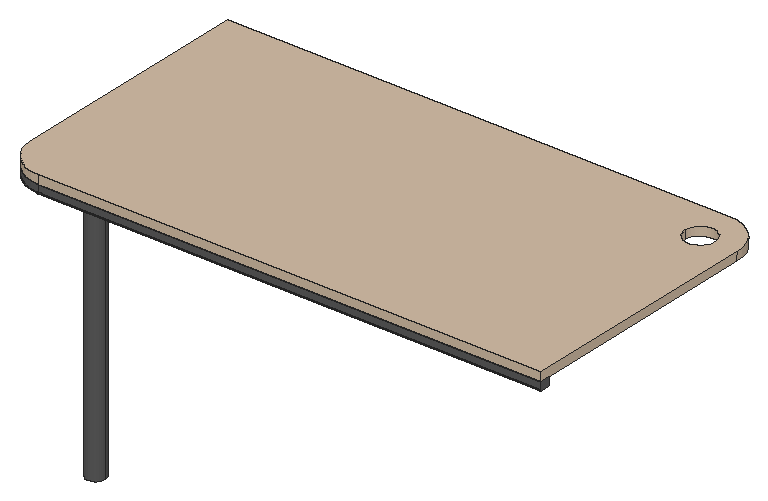
Revit family "Haworth_BuzziBracks_Worktop_Side_BUILD", category Furniture, Revit 2018
Family settings
  OmniClass Number = 23.40.20.00
  OmniClass Title = General Furniture and Specialties
  Work Plane-Based = No
  Always vertical = Yes
  Cut with Voids When Loaded = No
  Shared = No
  Room Calculation Point = No
Parameters (values of type "BRW - 56w Side Worktop - With Cable Entry")
  Warranty = "http://www.haworth.com/resources/product-info/warranties"
  Void Dimension = if(Cable Entry, 3.000", 1.000")  # 3.000"
  URL - Product = "http://www.haworth.com/na/en/products/booths/buzzibracks.html"
  URL = "http://www.haworth.com/our-brands/haworth-collection"
  Top Radius = 4.000"  # constant formula
  Top Finish [instance] = Haworth _ Wood _ Antwerp Oak BAO-ANT
  Thickness = 1.750"  # constant formula
  Revision = "1"  # constant formula
  Note = "Verify Final Dim. w/ Haworth"  # constant formula
  Model = "HCBZ-BRW"  # constant formula
  Manufacturer = "Haworth"  # constant formula
  Frame Finish [instance] = Haworth _ Paint _ Black
  Description = "Haworth - BuzziBracks - Side Worktop"  # constant formula
  Cable Entry = yes
  Author = "Haworth (Alias)"  # constant formula
  Assembly Code = "E2020200"
  Actual Width = if([29.5d x 44w], 44.000", 56.000")  # 56.000"
  Actual Height = 29.750"  # constant formula
  Actual Depth = 29.500"  # constant formula
  29.5d x 56w = yes
  29.5d x 44w = no
Types (3): name | Actual Width | 29.5d x 56w | 29.5d x 44w
  (no name) | 56.000" | yes | no
  BRW - 44w Side Worktop - With Cable Entry | 44.000" | no | yes
  BRW - 56w Side Worktop - With Cable Entry | 56.000" | yes | no
Reference planes (in)
  plane 1: z = 0
  plane 2 "Center Left/Right": x = 0
  plane 3 "Left": x = -28
  plane 4 "Right": x = 28
  plane 5 "Back": y = 11.91248
  plane 6 "Front": y = -17.58752
  plane 7 "Center FB": y = -2.83752
  plane 8 "Top": z = 29.75
  plane 9: z = 28
  plane 10: z = 28.885
  plane 11 "Frame Outside Right": x = 31.15
  plane 12 "Frame Outside Back": y = 15.06248
  plane 13 "Void Start": z = 30.75
Forms (in)
  Extrusion 1, solid, material "Haworth _ Wood _ Antwerp Oak BAO-ANT" <- "Top Finish"
    sketch origin (0, 0, 29.75) x (-1, 0, 0) y (0, -1, 0)
      loop
        line (28, -11.91248) -> (28, 13.58752)
        arc (28, 13.58752) -> (26.82843, 16.41594) -> (24, 17.58752) r 4
        line (24, 17.58752) -> (-28, 17.58752) -> (-28, -7.78248)
        arc (-28, -7.78248) -> (-26.79035, -10.70284) -> (-23.87, -11.91248) r 4.13
        line (-23.87, -11.91248) -> (28, -11.91248)
    from -0.865 to 0
  Sweep 2, solid, material "Haworth _ Paint _ Black" <- "Frame Finish"
    path origin (0, 0, 29.75) x (-1, 0, 0) y (0, -1, 0)
      loop
        line (-28, 17.58752) -> (24, 17.58752)
        arc (24, 17.58752) -> (26.82843, 16.41594) -> (28, 13.58752) r 4
        line (28, 13.58752) -> (28, -11.91248)
    profile origin (2, -17.58752, 29.75) x (0, -1, 0) y (0, 0, 1)
      loop
        line (-0.98425, -1.75) -> (-0.1, -1.75)
        arc (-0.1, -1.75) -> (-0.02929, -1.72071) -> (0, -1.65) r 0.1
        line (0, -1.65) -> (0, -0.865) -> (-0.98425, -0.865) -> (-0.98425, -1.75)
  Extrusion 3, solid, material "Haworth _ Paint _ Black" <- "Frame Finish"
    sketch origin (0, 0, 29.75) x (-1, 0, 0) y (0, -1, 0)
      loop
        circle (22.48819, 12.07571) r 0.98425
    from -29.75 to -0.865
  Extrusion 4, void
    sketch origin (0, 0, 29.75) x (-1, 0, 0) y (0, -1, 0)
      loop
        circle (-24.025, -7.93748) r 1.575
    from -2 to 1
Cuts and joins
  Extrusion 4 cuts Extrusion 1
Lines and regions (in)
  Masking region 1
    outline origin (0, 0, 8.6974) x (0, -1, 0) y (1, 0, 0)
      loop
        line (-11.91248, -28) -> (13.58752, -28)
        arc (13.58752, -28) -> (16.41594, -26.82843) -> (17.58752, -24) r 4
        line (17.58752, -24) -> (17.58752, 28) -> (-7.78248, 28)
        arc (-7.78248, 28) -> (-10.70284, 26.79035) -> (-11.91248, 23.87) r 4.13
        line (-11.91248, 23.87) -> (-11.91248, -28)
  symbolic lines, style "FurnitureHiddenLines", detail levels coarse+medium
    curve 1: circle (-22.48819, -12.07571, 29.75) r 0.98425 normal (0, 0, 1)
  symbolic lines, style "Haworth", visible <- "Cable Entry", detail levels medium
    curve 2: circle (24.025, 7.93748, 29.75) r 1.575 normal (0, 0, 1)
Dimensions and locks (in)
  equal spacing: plane 3 "Left", plane 2 "Center Left/Right", plane 4 "Right"
  "Actual Width": plane 3 "Left" to plane 4 "Right"
  "Actual Depth": plane 6 "Front" to plane 5 "Back"
  equal spacing: plane 5 "Back", plane 7 "Center FB", plane 6 "Front"
  "Actual Height": plane 8 "Top" to plane 1
  "Thickness": plane 8 "Top" to plane 9
  locked: plane 8 "Top" to plane 10 at 0.865
  locked: profile plane to Sweep 2 sketch curve at 0.98425
  locked: plane 3 "Left" to Extrusion 3 sketch curve at 5.51181
  locked: plane 6 "Front" to Extrusion 3 sketch curve at 5.51181
  locked: plane 12 "Frame Outside Back" to plane 5 "Back" at 3.15
  locked: plane 4 "Right" to plane 11 "Frame Outside Right" at 3.15
  locked: plane 3 "Left" to curve 1 at 5.51181
  locked: plane 6 "Front" to curve 1 at 5.51181
  "Void Dimension": plane 13 "Void Start" to Extrusion 4
  locked: Extrusion 4 sketch curve to plane 4 "Right" at 3.975
  locked: plane 5 "Back" to Extrusion 4 sketch curve at 3.975
  locked: plane 13 "Void Start" to plane 8 "Top" at 1
  "Top Radius": radius of Masking region 1 sketch curve
  "Top Radius": radius of Sweep 2 sketch curve
  aligned and locked: Masking region 1 sketch curve to plane 5 "Back"
  aligned and locked: plane 3 "Left" to Masking region 1 sketch curve
  aligned and locked: plane 4 "Right" to Masking region 1 sketch curve
  aligned and locked: Masking region 1 sketch curve to plane 6 "Front"
  aligned and locked: Extrusion 1 sketch curve to plane 6 "Front"
  aligned and locked: plane 4 "Right" to Extrusion 1 sketch curve
  aligned and locked: Extrusion 1 sketch curve to plane 5 "Back"
  aligned and locked: Extrusion 1 sketch curve to plane 3 "Left"
  aligned and locked: plane 10 to Extrusion 1
  aligned and locked: plane 8 "Top" to Extrusion 1
  aligned and locked: Sweep 2 sketch curve to plane 6 "Front"
  aligned and locked: Sweep 2 sketch curve to plane 3 "Left"
  aligned and locked: plane 5 "Back" to Sweep 2 sketch curve
  aligned and locked: plane 4 "Right" to Sweep 2 sketch curve
  aligned and locked: Sweep 2 sketch curve to plane 9
  aligned and locked: Sweep 2 sketch curve to plane 10
  aligned and locked: plane 6 "Front" to Sweep 2 sketch curve
  aligned and locked: Extrusion 3 to plane 1
  aligned and locked: Extrusion 3 to plane 10
  aligned and locked: plane 13 "Void Start" to Extrusion 4
  aligned and locked: curve 2 to cut or joined group of Extrusion 1, Extrusion 4
Automatic sketch dimensions
  Extrusion 1 sketch curve to Extrusion 1 sketch curve = 4.130"
  Sweep 2 sketch curve to Sweep 2 sketch curve = 0.100"
  plane 3 "Left" to Extrusion 1 sketch curve = 4.000"
  Masking region 1 sketch curve to plane 5 "Back" = 4.130"
  radius of Extrusion 3 sketch curve = 0.98425"
  radius of Extrusion 4 sketch curve = 1.575"
  radius of curve 1 = 0.98425"
